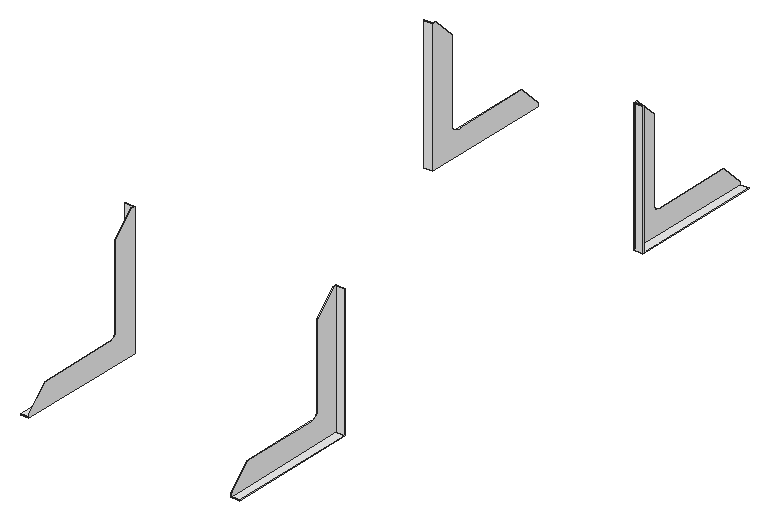
Revit family "avt-vk", category Mechanical Equipment, Revit 2018
Family settings
  Round Connector Dimension = Use Radius
  Part Type = Normal
  OmniClass Number = 23.75.00.00
  OmniClass Title = Climate Control (HVAC)
  Work Plane-Based = No
  Always vertical = Yes
  Cut with Voids When Loaded = No
  Shared = No
  Room Calculation Point = No
Parameters (values of type "AVT6-VK")
  unit_width = 828 mm
  unit_length = 1531 mm
  bracket_size = avt-vk_bracket : 6
  Weight = 0.00 kg
  Unit Description = "Vertical Mounting Kit for the AVT6"
  Type Comments = "1"
  Supplier Part No = Nuaire Model No  # "AVT6-VK"
  Revit Family Last Revised = "23/07/2020"
  Quote Reference [instance] = ""
  Project Reference [instance] = ""
  Order Reference [instance] = ""
  OmniClass Title = "Fans"
  OmniClass Number = "23-33 31 19"
  Nuaire Model No = "AVT6-VK"
  Manufacturer Name = "Nuaire"  # constant formula
  Location Reference [instance] = "l"
  Location [instance] = ""
  IFCExportAs = "IfcFanType"
  I&M Manual = "http://nuaire.info/IandM/671565.pdf"
  Fan Unit = no
  Classification.Uniclass.Pr.Number = "Pr_65_67_29"
  Classification.Uniclass.Pr.Description = "Fans"
  Catalogue Pages = ""
  Model Drawn by = "Michael Grote"  # constant formula
  Maximum Ambient Temperature = 40 °C
  URL = "http://www.nuaire.co.uk"
  Warranty Period = "1 Years"
  Weatherproof or Internal Only = "Internal"
  Manufacturer = Manufacturer Name  # "Nuaire"
  Description = Unit Description  # "Vertical Mounting Kit for the AVT6"
  Address = "Western Industrial Estate, Caerphilly, UK"  # constant formula
  Postcode = "CF83 1NA"  # constant formula
  Telephone Number = "+44(0)2920-858-200"  # constant formula
  Fax Number = "+44(0)2920-858-222"  # constant formula
  Email Address = "info@nuaire.co.uk"  # constant formula
  VAT Registration Number = "877308"  # constant formula
  Model = Nuaire Model No  # "AVT6-VK"
Types (8, lengths in mm): name | unit_width | unit_length | bracket_size | Unit Description | Supplier Part No | Nuaire Model No | Description | Model
  (no name) | 828 | 1531 | avt-vk_bracket : 6 | "Vertical Mounting Kit for the AVT6" | "AVT6-VK" | "AVT6-VK" | "Vertical Mounting Kit for the AVT6" | "AVT6-VK"
  AVT1-VK | 545 | 927 | avt-vk_bracket : 1 | "Vertical Mounting Kit for the AVT1" | "AVT1-VK" | "AVT1-VK" | "Vertical Mounting Kit for the AVT1" | "AVT1-VK"
  AVT2-VK | 545 | 968 | avt-vk_bracket : 2 | "Vertical Mounting Kit for the AVT2" | "AVT2-VK" | "AVT2-VK" | "Vertical Mounting Kit for the AVT2" | "AVT2-VK"
  AVT3-VK | 682 | 1186 | avt-vk_bracket : 3 | "Vertical Mounting Kit for the AVT3" | "AVT3-VK" | "AVT3-VK" | "Vertical Mounting Kit for the AVT3" | "AVT3-VK"
  AVT4-VK | 682 | 1229 | avt-vk_bracket : 4 | "Vertical Mounting Kit for the AVT4" | "AVT4-VK" | "AVT4-VK" | "Vertical Mounting Kit for the AVT4" | "AVT4-VK"
  AVT4L-VK | 828 | 1531 | avt-vk_bracket : 4 | "Vertical Mounting Kit for the AVT4L" | "AVT4L-VK" | "AVT4L-VK" | "Vertical Mounting Kit for the AVT4L" | "AVT4L-VK"
  AVT5-VK | 828 | 1531 | avt-vk_bracket : 5 | "Vertical Mounting Kit for the AVT5" | "AVT5-VK" | "AVT5-VK" | "Vertical Mounting Kit for the AVT5" | "AVT5-VK"
  AVT6-VK | 828 | 1531 | avt-vk_bracket : 6 | "Vertical Mounting Kit for the AVT6" | "AVT6-VK" | "AVT6-VK" | "Vertical Mounting Kit for the AVT6" | "AVT6-VK"
Reference planes
  plane 1 "Center (Front/Back)": y = 0
  plane 2: z = 0
  plane 3 "Center (Left/Right)": x = 0
  plane 4: y = 765.5
  plane 5: x = 414
  plane 6: x = -414
  plane 7: y = -765.5
Dimensions and locks
  equal spacing: plane 6, plane 3 "Center (Left/Right)", plane 5
  "unit_width": plane 6 to plane 5
  equal spacing: plane 4, plane 1 "Center (Front/Back)", plane 7
  "unit_length": plane 4 to plane 7
  aligned and locked: level to plane 2
  aligned and locked: nested 3 to plane 5
  aligned and locked: nested 3 to plane 4
  aligned and locked: nested 3 to level
  aligned and locked: nested 4 to plane 4
  aligned and locked: nested 4 to plane 2
  aligned and locked: nested 4 to plane 6
  aligned and locked: nested 2 to plane 2
  aligned and locked: nested 2 to plane 7
  aligned and locked: nested 1 to plane 2
  aligned and locked: nested 1 to plane 7
  aligned and locked: nested 2 to plane 6
  aligned and locked: nested 1 to plane 5
Nested families
  nested 1: "avt-vk_bracket" at (414, -765.5, 0) x (0, 0, 1) z (1, 0, 0), type <- "bracket_size", type "6"
  nested 2: "avt-vk_bracket" at (-414, -765.5, 0) x (0, -1, 0) z (-1, 0, 0), type <- "bracket_size", type "6"
  nested 3: "avt-vk_bracket" at (414, 765.5, 0) x (0, 1, 0) z (1, 0, 0), type <- "bracket_size", type "6"
  nested 4: "avt-vk_bracket" at (-414, 765.5, 0) x (0, 0, 1) z (-1, 0, 0), type <- "bracket_size", type "6"
Definition of nested family "avt-vk_bracket"
  Parameters (values of type "6")
    mat_thickness = 3 mm
    fold_width = 37.3 mm
    flat_length = 579.7 mm
    arm_width = 97.4 mm
    arm_length = flat_length - fold_width  # 542.4 mm
  Types (7, lengths in mm): name | flat_length | arm_width | arm_length
    (no name) | 579.7 | 97.4 | 542.4
    1 | 284.8 | 82.4 | 247.5
    2 | 320 | 72.5 | 282.7
    3 | 368 | 74 | 330.7
    4 | 411.3 | 83.2 | 374
    5 | 467.8 | 88.9 | 430.5
    6 | 579.7 | 97.4 | 542.4
  Reference planes
    plane 1 "Center (Front/Back)": y = 0
    plane 2: z = 0
    plane 3 "Center (Left/Right)": x = 0
    plane 4: x = 3
    plane 5: y = 3
    plane 6: y = 97.4
    plane 7: x = 97.4
    plane 8: x = 542.4
    plane 9: y = 542.4
    plane 10: x = 15
    plane 11: y = 15
    plane 12: z = 37.3
    plane 13: z = 3
    plane 14: y = 127.4
    plane 15: x = 127.4
  Forms (mm)
    Extrusion 1, solid
      sketch origin (0, 0, 0) x (1, 0, 0) y (0, 1, 0)
        loop
          line (0, 542.4) -> (0, 0) -> (542.4, 0) -> (542.4, 15) -> (460, 97.4) -> (127.4, 97.4)
          arc (127.4, 97.4) -> (106.187, 106.187) -> (97.4, 127.4) r 30
          line (97.4, 127.4) -> (97.4, 460) -> (15, 542.4) -> (0, 542.4)
      from 0 to 37
    Extrusion 2, void
      sketch origin (0, 0, 0) x (1, 0, 0) y (0, 1, 0)
        loop
          line (3, 542.4) -> (3, 3) -> (542.4, 3) -> (542.4, 542.4) -> (3, 542.4)
      from 3 to 37
  Cuts and joins
    Extrusion 2 cuts Extrusion 1
  Lines and regions (mm)
    reference lines
      curve 1: line (542.4, 15, 0) -> (454.012, 103.388, 0)
      curve 2: line (15, 542.4, 0) -> (117.53, 439.87, 0)
  Dimensions and locks
    "mat_thickness": plane 1 "Center (Front/Back)" to plane 5
    "mat_thickness": plane 3 "Center (Left/Right)" to plane 4
    "arm_width": plane 1 "Center (Front/Back)" to plane 6
    "arm_width": plane 3 "Center (Left/Right)" to plane 7
    "arm_length": plane 1 "Center (Front/Back)" to plane 9
    "arm_length": plane 3 "Center (Left/Right)" to plane 8
    locked: plane 3 "Center (Left/Right)" to plane 10 at 15
    locked: plane 1 "Center (Front/Back)" to plane 11 at 15
    "fold_width": plane 12 to plane 2
    "mat_thickness": plane 13 to plane 2
    locked: plane 7 to plane 15 at 30
    locked: plane 14 to plane 6 at 30
    locked: curve 1 to plane 11 (angle 45.00°)
    locked: plane 10 to curve 2 (angle 45.00°)
    aligned and locked: level to plane 2
    aligned and locked: plane 8 to curve 1
    aligned and locked: curve 1 to plane 11
    aligned and locked: plane 9 to curve 2
    aligned and locked: plane 10 to curve 2
    aligned and locked: Extrusion 1 sketch curve to plane 3 "Center (Left/Right)"
    aligned and locked: Extrusion 1 sketch curve to plane 9
    aligned and locked: Extrusion 1 sketch curve to curve 2
    aligned and locked: Extrusion 1 sketch curve to plane 7
    aligned and locked: Extrusion 1 sketch curve to plane 6
    aligned and locked: Extrusion 1 sketch curve to curve 1
    aligned and locked: Extrusion 1 sketch curve to plane 8
    aligned and locked: Extrusion 1 sketch curve to plane 1 "Center (Front/Back)"
    aligned and locked: Extrusion 2 sketch curve to plane 9
    aligned and locked: Extrusion 2 sketch curve to plane 4
    aligned and locked: Extrusion 2 sketch curve to plane 5
    aligned and locked: Extrusion 2 sketch curve to plane 8
    aligned and locked: Extrusion 2 to plane 13
  Automatic sketch dimensions
    Extrusion 1 sketch curve to plane 14 = 0 mm
